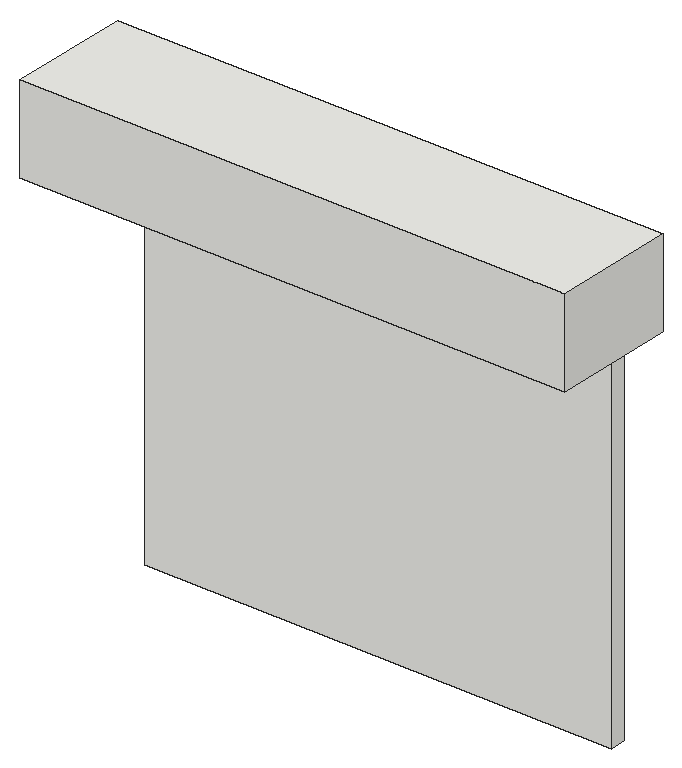
Revit family
Parameters (values of type "2435 x 1981mm")
  Thickness = 76.00 mm
  Height = 1981.00 mm
  Wall Closure = (empty or 0)
  Width = 2435.00 mm
  Door Material = Metal - Paint Finish - Ivory,Matte
Reference planes
  plane 1: y = 0
  plane 2: z = 0
  plane 3: x = 0
  plane 4: x = -1217.5
  plane 5: x = 1217.5
  plane 6: z = 1981
  plane 7: z = 2438.2
  plane 8: x = -1420.7
  plane 9: x = 1420.7
Forms (mm)
  Extrusion 1, solid, material "Metal - Paint Finish - Ivory,Matte" <- "Door Material"
    sketch origin (0, 0, 0) x (1, 0, 0) y (0, 1, 0)
      loop
        line (-1217.5, -76.2) -> (-1217.5, -152.2) -> (1217.5, -152.2) -> (1217.5, -76.2) -> (-1217.5, -76.2)
    from 0 to 1981
  Extrusion 2, solid, material "Metal - Paint Finish - Ivory,Matte"
    sketch origin (-1217.5, -152.2, 1981) x (0, 0, -1) y (1, 0, 0)
      loop
        line (-457.2, -203.2) -> (0, -203.2) -> (0, 2638.2) -> (-457.2, 2638.2) -> (-457.2, -203.2)
    from -76 to 558.8
Lines and regions (mm)
  Opening 1
    outline origin (-3302, -76.2, 0) x (1, 0, 0) y (0, 0, 1)
      loop
        line (2084.5, 0) -> (4519.5, 0) -> (4519.5, 1981) -> (2084.5, 1981) -> (2084.5, 0)
  model lines, style "DoorsPanelProjection"
    curve 1: line (1217.5, -76.2, 0) -> (-1217.5, -76.2, 0)
    curve 2: line (1217.5, -76.2, 1839.5) -> (-1217.5, -76.2, 1839.5)
    curve 3: line (-1217.5, -76.2, 1698) -> (1217.5, -76.2, 1698)
    curve 4: line (-1217.5, -76.2, 1556.5) -> (1217.5, -76.2, 1556.5)
    curve 5: line (-1217.5, -76.2, 1415) -> (1217.5, -76.2, 1415)
    curve 6: line (-1217.5, -76.2, 1273.5) -> (1217.5, -76.2, 1273.5)
    curve 7: line (-1217.5, -76.2, 1132) -> (1217.5, -76.2, 1132)
    curve 8: line (-1217.5, -76.2, 990.5) -> (1217.5, -76.2, 990.5)
    curve 9: line (-1217.5, -76.2, 849) -> (1217.5, -76.2, 849)
    curve 10: line (-1217.5, -76.2, 707.5) -> (1217.5, -76.2, 707.5)
    curve 11: line (-1217.5, -76.2, 566) -> (1217.5, -76.2, 566)
    curve 12: line (-1217.5, -76.2, 424.5) -> (1217.5, -76.2, 424.5)
    curve 13: line (-1217.5, -76.2, 283) -> (1217.5, -76.2, 283)
    curve 14: line (-1217.5, -76.2, 141.5) -> (1217.5, -76.2, 141.5)
  symbolic lines, style "Elevation Swing"
    curve 15: line (-1420.7, -76.2, 0) -> (1420.7, -76.2, 0)
    curve 16: line (-1420.7, -76.2, 0) -> (-1420.7, -711, 0)
    curve 17: line (-1420.7, -711, 0) -> (1420.7, -711, 0)
    curve 18: line (1420.7, -76.2, 0) -> (1420.7, -711, 0)
Text (mm)
  text "Exterior" at (-1476.603, 1269.773, 0), in view "Floor Line"
  text "Exterior" at (0, 888.654, 3134.195), in view "Right"
Dimensions and locks
  equal spacing: plane 4, plane 3, plane 5
  "Width": plane 4 to plane 5
  "Height": plane 2 to plane 6
  "Thickness": Extrusion 1 sketch curve to Extrusion 1 sketch curve
  locked: plane 8 to plane 4 at 203.2
  locked: plane 5 to plane 9 at 203.2
  locked: plane 7 to plane 6 at 457.2
  equal spacing: host wall, curve 14, curve 13, curve 12, curve 11, curve 10, curve 9, curve 8, curve 7, curve 6, curve 5, curve 4, curve 3, curve 2, plane 6
  aligned and locked: plane 4 to Opening 1 sketch curve
  aligned and locked: plane 6 to Opening 1 sketch curve  (x2)
  aligned and locked: Opening 1 sketch curve to plane 5
  aligned and locked: Opening 1 sketch curve to level
  aligned and locked: host wall to Extrusion 1 sketch curve
  aligned and locked: plane 5 to curve 1
  aligned and locked: plane 4 to curve 1
  aligned and locked: Extrusion 1 to level
  aligned and locked: Extrusion 1 to host wall
  aligned and locked: plane 8 to Extrusion 2 sketch curve
  aligned and locked: plane 7 to Extrusion 2 sketch curve
  aligned and locked: plane 6 to Extrusion 2 sketch curve
  aligned and locked: plane 9 to Extrusion 2 sketch curve
  aligned and locked: Extrusion 2 to Extrusion 1
  aligned and locked: Extrusion 1 to curve 2
  aligned and locked: curve 2 to Extrusion 1
  aligned and locked: plane 4 to curve 3
  aligned and locked: plane 5 to curve 3
  aligned and locked: plane 4 to curve 4
  aligned and locked: Extrusion 1 to curve 4
  aligned and locked: curve 5 to Extrusion 1
  aligned and locked: Extrusion 1 to curve 5
  aligned and locked: curve 6 to Extrusion 1
  aligned and locked: Extrusion 1 to curve 6
  aligned and locked: plane 4 to curve 7
  aligned and locked: Extrusion 1 to curve 7
  aligned and locked: plane 4 to curve 8
  aligned and locked: Extrusion 1 to curve 8
  aligned and locked: plane 4 to curve 9
  aligned and locked: plane 5 to curve 9
  aligned and locked: plane 4 to curve 10
  aligned and locked: Extrusion 1 to curve 10
  aligned and locked: curve 11 to Extrusion 1
  aligned and locked: Extrusion 1 to curve 11
  aligned and locked: curve 12 to Extrusion 1
  aligned and locked: Extrusion 1 to curve 12
  aligned and locked: plane 4 to curve 13
  aligned and locked: plane 5 to curve 13
  aligned and locked: plane 4 to curve 14
  aligned and locked: plane 5 to curve 14
  aligned and locked: curve 15 to Extrusion 2  (x2)
  aligned and locked: curve 18 to Extrusion 2  (x2)
Automatic sketch dimensions
  Extrusion 1 sketch curve to plane 4 = 0.00 mm
  Extrusion 1 sketch curve to plane 5 = 0.00 mm
  curve 1 to level = 0.00 mm
